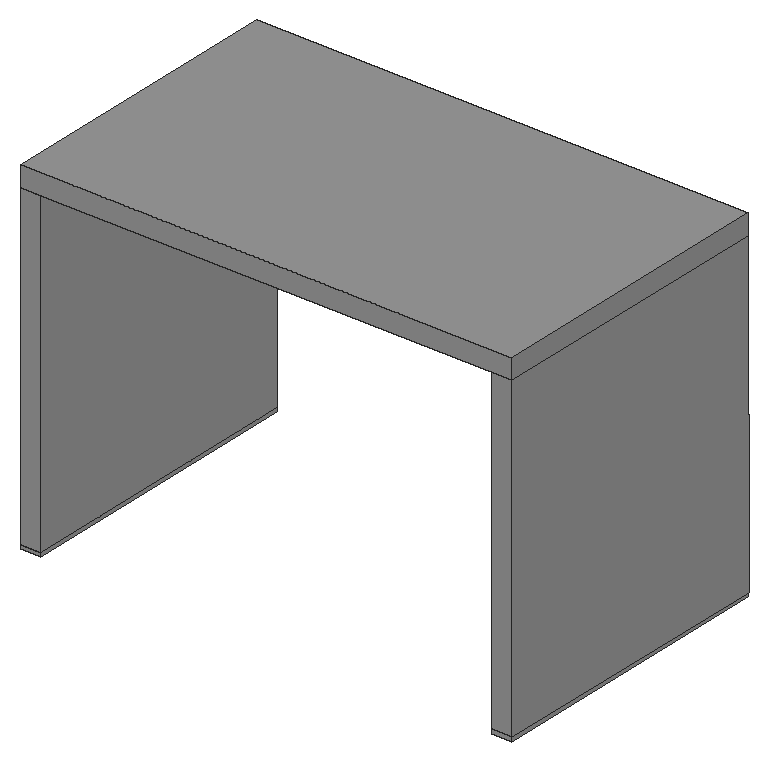
Revit family "Cocoon Community Table 36x60x42", category Generic Models, Revit 2018
Family settings
  Can host rebar = No
  Round Connector Dimension = Use Diameter
  Part Type = Normal
  Work Plane-Based = No
  Always vertical = Yes
  Cut with Voids When Loaded = No
  Shared = No
  Room Calculation Point = No
Parameters
  Frame = Cocoon Community Table 36x60x42 Frame
  Surface = Cocoon Community Table 36x60x42 Surface
Reference planes (in)
  plane 1 "Center (Front/Back)": y = 0
  plane 2: z = 0
  plane 3 "Center (Left/Right)": x = 0
Forms (in)
  Extrusion 1, solid, material "Cocoon Community Table 36x60x42 Frame" <- "Frame"
    sketch origin (0, 0, 0) x (1, 0, 0) y (0, 0, 1)
      loop
        line (-30, 0.5) -> (-30, 0) -> (-27.5, 0) -> (-27.5, 0.5) -> (-30, 0.5)
      loop
        line (30, 0.5) -> (27.5, 0.5) -> (27.5, 0) -> (30, 0) -> (30, 0.5)
    from -18 to 18
  Extrusion 2, solid, material "Cocoon Community Table 36x60x42 Surface" <- "Surface"
    sketch origin (0, 0, 13) x (1, 0, 0) y (0, 0, 1)
      loop
        line (-30, 29) -> (-30, 26.5) -> (30, 26.5) -> (30, 29) -> (-30, 29)
    from -18 to 18
  Extrusion 3, solid, material "Cocoon Community Table 36x60x42 Frame" <- "Frame"
    sketch origin (0, 0, 0) x (1, 0, 0) y (0, 0, 1)
      loop
        line (-30, 39.5) -> (-30, 0.5) -> (-27.5, 0.5) -> (-27.5, 39.5) -> (-30, 39.5)
      loop
        line (27.5, 39.5) -> (27.5, 0.5) -> (30, 0.5) -> (30, 39.5) -> (27.5, 39.5)
    from -18 to 18
Dimensions and locks (in)
  aligned and locked: level to plane 2
